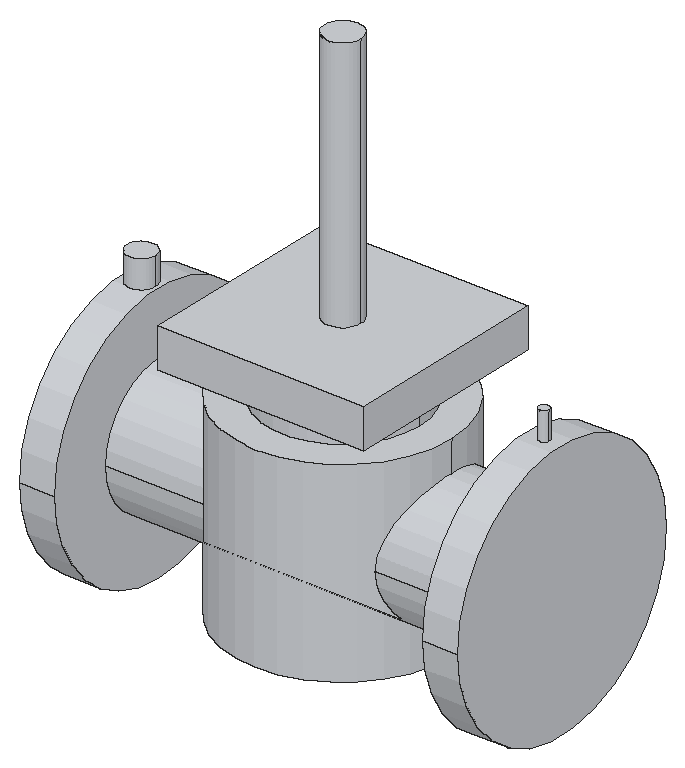
Revit family "OPTIMA_Compact_FLANGE_PN25_DN150-LF_RFA_2018", category Pipe Accessories, Revit 2018
Family settings
  Round Connector Dimension = Use Diameter
  Part Type = Valve - Breaks Into
  Work Plane-Based = No
  Always vertical = Yes
  Cut with Voids When Loaded = No
  Shared = No
Parameters (values of type "Optima Compact Flange PN25 DN150 LF")
  magiProductId = "Frese Optima Flange DN150 LF"
  magiProductFamilyId = "Frese Optima Flange *"
  magiPartTypeId = 304
  isMeasuringValve [instance] = no
  ang2D [instance] = 0.00°
  W2D = 50 mm
  VersionID = "2.0/2018.8.28.1/FRESE_OPTIMA_FLANGE_Q13_002"
  Use Minimum Symbol Size [instance] = yes
  URL = "www.hydronic.cz"
  Type Comments = "Přírubový; PN25; 0~110°C, s měřením"
  R4 = 84 mm
  R3 = 74.1 mm
  R1 = 120 mm
  QmdConnectorList = "301;D;302;D"
  Productdata [instance] = ""
  Manufacturer = "Hydronic Systems Prague s.r.o."
  MC Product Code = "53-1225 (DN150 LF; 43mm; pohon min 1500N; Qmin-dpmin 25600l/h-21.0kPa; Qmax-dpmin 148000l/h-35.0kPa; dpmax 800kPa)"
  MC Piping Given Pressure Drop [instance] = 0.0 Pa
  LF__ve = -LF  # -38.4 mm
  LF2 = 19.2 mm
  LF = 38.4 mm
  L4 = 225.6 mm
  L3 = 403.2 mm
  L2D_Min = 3048 mm
  L2D = 230 mm
  L2 = 240 mm
  H6 = 279.25 mm
  H4 = 42.75 mm
  H3 = 35.625 mm
  H2 = 106.875 mm
  H1 = 213.75 mm
  Description = "Tlakově nezávislý 2-cestný regulační vyvažovací ventil (PICV)"
  DF2 = 142.5 mm
  D = 150 mm
  CAT0 = yes
Types (14, lengths in mm): name | magiProductId | magiProductFamilyId | W2D | Type Comments | R4 | R3 | R1 | MC Product Code | LF__ve | LF2 | LF | L4 | L3 | L2D | L2 | H6 | H4 | H3 | H2 | H1 | DF2 | D
  Optima Compact Flange PN25 DN050 LF | "Frese Optima Flange DN050 LF" | "Frese Optima Flange *" | 50 | "Přírubový; PN25; 0~120°C, s měřením" | 40.3 | 42.9 | 57.5 | "53-1220 (DN50 LF; 20mm; pohon min 1000N; Qmin-dpmin 2500l/h-6.5kPa; Qmax-dpmin 15000l/h-20.0kPa; dpmax 800kPa)" | -18.4 | 9.2 | 18.4 | 108.1 | 193.2 | 230 | 115 | 157.3 | 24.8 | 20.6 | 61.9 | 123.8 | 82.5 | 50
  Optima Compact Flange PN25 DN050 HF | "Frese Optima Flange DN050 HF" | "Frese Optima Flange *" | 50 | "Přírubový; PN25; 0~120°C, s měřením" | 40.25 | 42.9 | 57.5 | "53-1230 (DN50 HF; 20mm; pohon min 1000N; Qmin-dpmin 3900l/h-19.0kPa; Qmax-dpmin 24000l/h-50.0kPa; dpmax 800kPa)" | -18.4 | 9.2 | 18.4 | 108.1 | 193.2 | 230 | 115 | 157.25 | 24.75 | 20.625 | 61.875 | 123.75 | 82.5 | 50
  Optima Compact Flange PN25 DN065 LF | "Frese Optima Flange DN065 LF" | "Frese Optima Flange *" | 50 | "Přírubový; PN25; 0~120°C, s měřením" | 50.75 | 48.1 | 72.5 | "53-1221 (DN65 LF; 20mm; pohon min 1000N; Qmin-dpmin 4400l/h-15.0kPa; Qmax-dpmin 25000l/h-25.0kPa; dpmax 800kPa)" | -23.2 | 11.6 | 23.2 | 136.3 | 243.6 | 230 | 145 | 171.25 | 27.75 | 23.125 | 69.375 | 138.75 | 92.5 | 65
  Optima Compact Flange PN25 DN065 HF | "Frese Optima Flange DN065 HF" | "Frese Optima Flange *" | 50 | "Přírubový; PN25; 0~120°C, s měřením" | 50.75 | 48.1 | 72.5 | "53-1231 (DN65 HF; 20mm; pohon min 1000N; Qmin-dpmin 6000l/h-30.0kPa; Qmax-dpmin 35000l/h-55.0kPa; dpmax 800kPa)" | -23.2 | 11.6 | 23.2 | 136.3 | 243.6 | 230 | 145 | 171.25 | 27.75 | 23.125 | 69.375 | 138.75 | 92.5 | 65
  Optima Compact Flange PN25 DN080 LF | "Frese Optima Flange DN080 LF" | "Frese Optima Flange *" | 50 | "Přírubový; PN25; 0~120°C, s měřením" | 54.25 | 52 | 77.5 | "53-1222 (DN80 LF; 20mm; pohon min 1000N; Qmin-dpmin 5300l/h-16.0kPa; Qmax-dpmin 34000l/h-25.0kPa; dpmax 800kPa)" | -24.8 | 12.4 | 24.8 | 145.7 | 260.4 | 230 | 155 | 183 | 30 | 25 | 75 | 150 | 100 | 80
  Optima Compact Flange PN25 DN080 HF | "Frese Optima Flange DN080 HF" | "Frese Optima Flange *" | 50 | "Přírubový; PN25; 0~120°C, s měřením" | 54.25 | 52 | 77.5 | "53-1232 (DN80 HF; 20mm; pohon min 1000N; Qmin-dpmin 7000l/h-23.0kPa; Qmax-dpmin 43000l/h-50.0kPa; dpmax 800kPa)" | -24.8 | 12.4 | 24.8 | 145.7 | 260.4 | 230 | 155 | 183 | 30 | 25 | 75 | 150 | 100 | 80
  Optima Compact Flange PN25 DN100 LF | "Frese Optima Flange DN100 LF" | "Frese Optima Flange *" | 50 | "Přírubový; PN25; 0~120°C, s měřením" | 61.25 | 61.1 | 87.5 | "53-1223 (DN100 LF; 40mm; pohon min 1000N; Qmin-dpmin 12100l/h-20.0kPa; Qmax-dpmin 68000l/h-35.0kPa; dpmax 800kPa)" | -28 | 14 | 28 | 164.5 | 294 | 230 | 175 | 268.75 | 35.25 | 29.375 | 88.125 | 176.25 | 117.5 | 100
  Optima Compact Flange PN25 DN100 HF | "Frese Optima Flange DN100 HF" | "Frese Optima Flange *" | 50 | "Přírubový; PN25; 0~120°C, s měřením" | 61.25 | 61.1 | 87.5 | "53-1233 (DN100 HF; 40mm; pohon min 1000N; Qmin-dpmin 14800l/h-30.0kPa; Qmax-dpmin 90000l/h-75.0kPa; dpmax 800kPa)" | -28 | 14 | 28 | 164.5 | 294 | 230 | 175 | 268.75 | 35.25 | 29.375 | 88.125 | 176.25 | 117.5 | 100
  Optima Compact Flange PN25 DN125 LF | "Frese Optima Flange DN125 LF" | "Frese Optima Flange *" | 50 | "Přírubový; PN25; 0~120°C, s měřením" | 70 | 70.2 | 100 | "53-1224 (DN125 LF; 40mm; pohon min 1000N; Qmin-dpmin 18500l/h-16.0kPa; Qmax-dpmin 110000l/h-35.0kPa; dpmax 800kPa)" | -32 | 16 | 32 | 188 | 336 | 230 | 200 | 275.5 | 40.5 | 33.75 | 101.25 | 202.5 | 135 | 125
  Optima Compact Flange PN25 DN125 HF | "Frese Optima Flange DN125 HF" | "Frese Optima Flange *" | 50 | "Přírubový; PN25; 0~120°C, s měřením" | 70 | 70.2 | 100 | "53-1234 (DN125 HF; 40mm; pohon min 1000N; Qmin-dpmin 23000l/h-27.0kPa; Qmax-dpmin 135000l/h-53.0kPa; dpmax 800kPa)" | -32 | 16 | 32 | 188 | 336 | 230 | 200 | 275.5 | 40.5 | 33.75 | 101.25 | 202.5 | 135 | 125
  Optima Compact Flange PN25 DN150 LF | "Frese Optima Flange DN150 LF" | "Frese Optima Flange *" | 50 | "Přírubový; PN25; 0~110°C, s měřením" | 84 | 74.1 | 120 | "53-1225 (DN150 LF; 43mm; pohon min 1500N; Qmin-dpmin 25600l/h-21.0kPa; Qmax-dpmin 148000l/h-35.0kPa; dpmax 800kPa)" | -38.4 | 19.2 | 38.4 | 225.6 | 403.2 | 230 | 240 | 279.25 | 42.75 | 35.625 | 106.875 | 213.75 | 142.5 | 150
  Optima Compact Flange PN25 DN150 HF | "Frese Optima Flange DN150 HF" | "Frese Optima Flange *" | 50 | "Přírubový; PN25; 0~110°C, s měřením" | 84 | 74.1 | 120 | "53-1235 (DN150 HF; 43mm; pohon min 1500N; Qmin-dpmin 32000l/h-33.0kPa; Qmax-dpmin 195000l/h-65.0kPa; dpmax 800kPa)" | -38.4 | 19.2 | 38.4 | 225.6 | 403.2 | 230 | 240 | 279.25 | 42.75 | 35.625 | 106.875 | 213.75 | 142.5 | 150
  Optima Compact Flange PN25 DN200 LF | "" | "" | 100 | "Přírubový; PN25; 0~110°C, s měřením" | 164.5 | 98.8 | 235 | "53-1226 (DN200 LF; 43mm; pohon min 1500N; Qmin-dpmin 95000l/h-11.0kPa; Qmax-dpmin 210000l/h-32.0kPa; dpmax 800kPa)" | -48 | 24 | 48 | 282 | 504 | 350 | 300 | 281 | 57 | 15 | 209 | 380 | 190 | 200
  Optima Compact Flange PN25 DN200 HF | "" | "" | 100 | "Přírubový; PN25; 0~110°C, s měřením" | 164.5 | 98.8 | 235 | "53-1236 (DN200 HF; 43mm; pohon min 1500N; Qmin-dpmin 130000l/h-31.0kPa; Qmax-dpmin 280000l/h-78.0kPa; dpmax 800kPa)" | -48 | 24 | 48 | 282 | 504 | 350 | 300 | 281 | 57 | 15 | 209 | 380 | 190 | 200
Reference planes
  plane 1 "Center (Front/Back)": y = 0
  plane 2 "XYPLANE": z = 0
  plane 3 "Center (Left/Right)": x = 0
  plane 4 "157": x = 220.8
  plane 5 "156": x = -220.8
  plane 6 "155": z = 142.5
  plane 7 "154": z = 185.25
  plane 8 "153": z = 142.5
  plane 9 "152": z = 106.875
  plane 10 "151": x = -201.6
  plane 11 "150": z = -106.875
  plane 12 "149": x = 0
  plane 13 "148": y = 0
  plane 14 "147": z = 0
  plane 15 "146": x = -240
  plane 16 "145": x = 240
Forms (mm)
  Extrusion 1, solid, visible <- "CAT0"
    sketch origin (-750, 0, 142.5) x (1, 0, 0) y (0, 1, 0)
      loop
        circle (970.8, 0) r 5.5
    from 0 to 30
  Extrusion 2, solid, visible <- "CAT0"
    sketch origin (-750, 0, 142.5) x (1, 0, 0) y (0, 1, 0)
      loop
        circle (529.2, 0) r 15.5
    from 0 to 30
  Extrusion 3, solid, visible <- "CAT0"
    sketch origin (-750, 0, 185.25) x (1, 0, 0) y (0, 1, 0)
      loop
        circle (750, 0) r 20
    from 0 to 279.25 <- "H6"
  Extrusion 4, solid, visible <- "CAT0"
    sketch origin (-750, 0, 142.5) x (1, 0, 0) y (0, 1, 0)
      loop
        line (862.8, 112.8) -> (637.2, 112.8) -> (637.2, -112.8) -> (862.8, -112.8) -> (862.8, 112.8)
    from 0 to 42.75 <- "H4"
  Extrusion 5, solid, visible <- "CAT0"
    sketch origin (-750, 0, 106.875) x (1, 0, 0) y (0, 1, 0)
      loop
        circle (750, 0) r 84
    from 0 to 35.625 <- "H3"
  Extrusion 6, solid, visible <- "CAT0"
    sketch origin (-201.6, -750, 0) x (0, 1, 0) y (0, 0, 1)
      loop
        circle (750, 0) r 74.1
    from 0 to 403.2 <- "L3"
  Extrusion 7, solid, visible <- "CAT0"
    sketch origin (-750, 0, -106.875) x (1, 0, 0) y (0, 1, 0)
      loop
        circle (750, 0) r 120
    from 0 to 213.75 <- "H1"
  Extrusion 8, solid, visible <- "CAT0"
    sketch origin (-240, -750, 0) x (0, 1, 0) y (0, 0, 1)
      loop
        circle (750, 0) r 142.5
    from 0 to 38.4 <- "LF"
  Extrusion 9, solid, visible <- "CAT0"
    sketch origin (240, -750, 0) x (0, 1, 0) y (0, 0, 1)
      loop
        circle (750, 0) r 142.5
    from 0 to -38.4 <- "LF__ve"
  Extrusion 10, solid, not visible
    sketch origin (-240, -750, 0) x (0, 1, 0) y (0, 0, 1)
      loop
        circle (750, 0) r 10
    from 0 to 10
  Extrusion 11, solid, not visible
    sketch origin (240, -750, 0) x (0, 1, 0) y (0, 0, 1)
      loop
        circle (750, 0) r 10
    from 0 to -10
Lines and regions (mm)
  reference lines, not visible
    curve 1: circle (2, 2, 0) r 1 normal (0, 0, 1)
  reference lines
    curve 2: circle (0, 0, 142.5) r 1 normal (0, 0, 1)
Dimensions and locks
  plane 1 "Center (Front/Back)" to curve 1 = 2 mm
  "LF2": plane 16 "145" to plane 4 "157"
  "LF2": plane 15 "146" to plane 5 "156"
  "DF2": plane 2 "XYPLANE" to plane 6 "155"
  "H4": plane 8 "153" to plane 7 "154"
  "H3": plane 9 "152" to plane 8 "153"
  "H1": plane 11 "150" to plane 9 "152"
  "LF": plane 15 "146" to plane 10 "151"
  "H2": plane 2 "XYPLANE" to plane 11 "150"
  locked: plane 3 "Center (Left/Right)" to plane 12 "149"
  locked: plane 1 "Center (Front/Back)" to plane 13 "148"
  locked: plane 2 "XYPLANE" to plane 14 "147"
  "L2": plane 3 "Center (Left/Right)" to plane 15 "146"
  "L2": plane 3 "Center (Left/Right)" to plane 16 "145"
  equal spacing: Extrusion 4 sketch curve, curve 2, Extrusion 4 sketch curve  (x2)
  "L4": Extrusion 4 sketch curve to Extrusion 4 sketch curve  (x2)
  Extrusion 4 sketch curve to Extrusion 4 sketch curve = 0 mm  (x8)
  "R4": radius of Extrusion 5 sketch curve
  "R3": radius of Extrusion 6 sketch curve
  "R1": radius of Extrusion 7 sketch curve
  "DF2": radius of Extrusion 8 sketch curve
  "DF2": radius of Extrusion 9 sketch curve
  aligned and locked: level to plane 2 "XYPLANE"
  aligned and locked: plane 4 "157" to Extrusion 1 sketch curve
  aligned and locked: plane 13 "148" to Extrusion 1 sketch curve
  aligned and locked: plane 5 "156" to Extrusion 2 sketch curve
  aligned and locked: plane 13 "148" to Extrusion 2 sketch curve
  aligned and locked: plane 12 "149" to Extrusion 3 sketch curve
  aligned and locked: plane 13 "148" to Extrusion 3 sketch curve
  aligned and locked: plane 12 "149" to curve 2
  aligned and locked: plane 13 "148" to curve 2
  aligned and locked: plane 12 "149" to Extrusion 5 sketch curve
  aligned and locked: plane 13 "148" to Extrusion 5 sketch curve
  aligned and locked: Extrusion 6 sketch curve to plane 13 "148"
  aligned and locked: plane 14 "147" to Extrusion 6 sketch curve
  aligned and locked: plane 12 "149" to Extrusion 7 sketch curve
  aligned and locked: plane 13 "148" to Extrusion 7 sketch curve
  aligned and locked: Extrusion 8 sketch curve to plane 13 "148"
  aligned and locked: plane 14 "147" to Extrusion 8 sketch curve
  aligned and locked: Extrusion 9 sketch curve to plane 13 "148"
  aligned and locked: plane 14 "147" to Extrusion 9 sketch curve
  aligned and locked: Extrusion 10 sketch curve to plane 13 "148"
  aligned and locked: plane 14 "147" to Extrusion 10 sketch curve
  aligned and locked: Extrusion 11 sketch curve to plane 13 "148"
  aligned and locked: plane 14 "147" to Extrusion 11 sketch curve
Automatic sketch dimensions
  Extrusion 1 sketch curve to plane 4 "157" = 5.5 mm
  plane 15 "146" to Extrusion 2 sketch curve = 3.7 mm
  Extrusion 3 sketch curve to plane 3 "Center (Left/Right)" = 20 mm
  plane 1 "Center (Front/Back)" to Extrusion 10 sketch curve = 10 mm
  plane 1 "Center (Front/Back)" to Extrusion 11 sketch curve = 10 mm
  plane 3 "Center (Left/Right)" to curve 1 = 2 mm
  plane 10 "151" to Extrusion 4 sketch curve = 88.8 mm
  plane 1 "Center (Front/Back)" to Extrusion 4 sketch curve = 112.8 mm
  radius of curve 2 = 1 mm
  radius of curve 1 = 1 mm
Connectors
  piping at (-240, 0, 0), diameter 150, driven by "D"
    settings: on Extrusion 10, index 1, connector inside diameter 609.6 mm, connector length 0 mm, flow factor 0, pipe flow 0.0 L/s, pressure drop 0.0 Pa, fitting loss kfactor 0, connector angle 0.00°, fixture units 0, engagement length 0 mm, angle of deflection 0.00°, flow configuration 0, flow direction 0, fitting loss method 0, system type 29, joint type 0, gender type 0, connector reference index 2, connector utility 0, adjustable connector no, is connector primary yes, connector description ""
  piping at (240, 0, 0), diameter 150, driven by "D"
    settings: on Extrusion 11, index 2, connector inside diameter 609.6 mm, connector length 0 mm, flow factor 0, pipe flow 0.0 L/s, pressure drop 0.0 Pa, fitting loss kfactor 0, connector angle 0.00°, fixture units 0, engagement length 0 mm, angle of deflection 0.00°, flow configuration 0, flow direction 0, fitting loss method 0, system type 29, joint type 0, gender type 0, connector reference index 1, connector utility 0, adjustable connector no, is connector primary no, connector description ""
